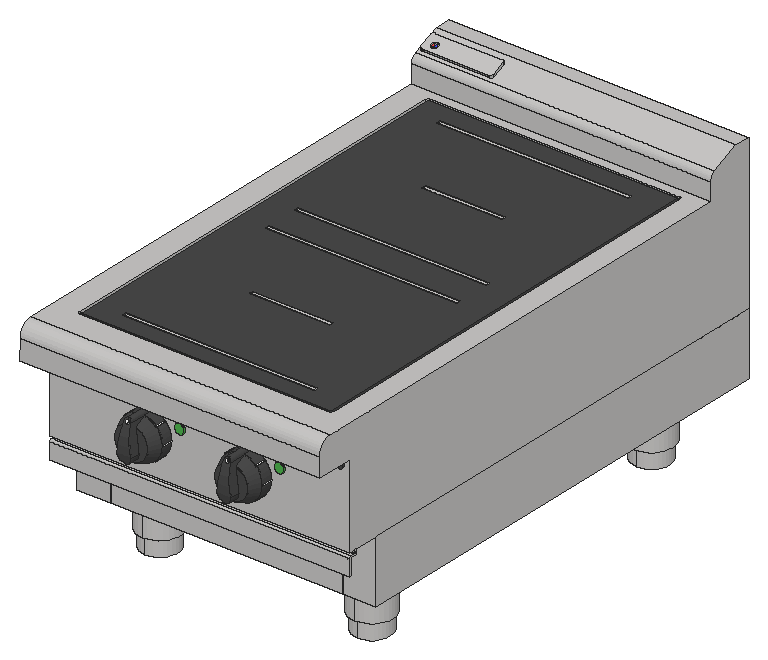
Revit family "QF_Moffat_INL8200R5-B_Induction_Cooktop_cat", category Specialty Equipment, Revit 2019
Family settings
  Round Connector Dimension = Use Diameter
  Part Type = Normal
  Work Plane-Based = No
  Always vertical = Yes
  Cut with Voids When Loaded = No
  Shared = No
  Room Calculation Point = No
Parameters (values of type "INL8200R5-B_415/60/3")
  Weight in Kilograms = 88
  Watts = 10000 W
  Volts = 415 V
  URL Cutsheet = ""
  Specification by User = ""
  Specification by Manufacturer = ""
  Show Logo [instance] = yes
  Serial Number = ""
  Seismic Rating = ""
  SMACNA No = ""
  Revision Code = ""
  Phase = 3
  Number of Poles = 1
  NAFEM Spec ID Number = ""
  Model = "INL8200R5-B"
  Min Ckt Ampacity = 0 A
  Max Overcurrent Protection = 0 A
  Masterspec = ""
  Manufacturer = "Moffat"
  Length = 450 mm
  Item Number = ""
  Installed By = ""
  Identify Quantity as Lot = yes
  Height = 410 mm
  HP = ""
  Furnished By = ""
  Foodservice Equipment Identifier = yes
  FL Amps = 14 A
  Electrical Remarks = ""
  Electric Connection Type = ""
  Elec Conn RI Height = 0 mm
  Elec Conn Connection Height = 0 mm
  Description = "Induction Cooktop"
  Depth = 805 mm
  Cycle = 60 Hz
  Conn Plug = ""
  Conn Conduit = yes
  CSI MasterFormat = ""
  Apparent Power = if(Phase = 3, Volts * FL Amps * 1.73, Volts * FL Amps)  # 10051.3 VA
Types (2, lengths in mm): name | Volts | Cycle | Apparent Power
  INL8200R5-B_415/60/3 | 415 V | 60 Hz | 10051.3 VA
  INL8200R5-B_400/50/3 | 400 V | 50 Hz | 9688 VA
Reference planes
  plane 1 "BACK": y = 0
  plane 2: z = 0
  plane 3 "LEFT": x = 0
  plane 4 "RIGHT": x = 450
  plane 5 "FRONT": y = -805
  plane 6 "TOP": z = 410
  plane 7 "Center Y": x = 225
  plane 8 "Center X": y = -402.5
  plane 9: x = 65.5
  plane 10: x = 384.5
  plane 11: y = -30
  plane 12: x = 320
  plane 13: z = 85
  plane 14: y = -100
  plane 15: y = -625
  plane 16: y = -70
  plane 17: z = 355
  plane 18: z = 75
Forms (mm)
  Extrusion 1, solid, material "QF_Metal_Stainless_Polished"
    sketch origin (0, 0, 0) x (0, 1, 0) y (0, 0, 1)
      loop
        line (0, 180) -> (0, 410) -> (-23.147, 410) -> (-62.316, 393.374)
        arc (-62.316, 393.374) -> (-67.905, 388.725) -> (-70, 381.764) r 12.612
        line (-70, 381.764) -> (-70, 355) -> (-784.417, 355)
        arc (-784.417, 355) -> (-798.971, 348.971) -> (-805, 334.417) r 20.583
        line (-805, 334.417) -> (-805, 305) -> (-749, 305) -> (-749, 180) -> (0, 180)
    from 0 to 450
  Extrusion 2, void
    sketch origin (0, -784.417, 355) x (0, 1, 0) y (-1, 0, 0)
      loop
        arc (699.588, -42.349) -> (697.83, -38.106) -> (693.588, -36.349) r 6
        line (693.588, -36.349) -> (45.492, -36.349)
        arc (45.492, -36.349) -> (41.249, -38.106) -> (39.492, -42.349) r 6
        line (39.492, -42.349) -> (39.492, -413.677)
        arc (39.492, -413.677) -> (41.249, -417.92) -> (45.492, -419.677) r 6
        line (45.492, -419.677) -> (693.588, -419.677)
        arc (693.588, -419.677) -> (697.83, -417.92) -> (699.588, -413.677) r 6
        line (699.588, -413.677) -> (699.588, -42.349)
    from 0 to -9.5
  Extrusion 3, solid, material "QF_Plastic_Black_Smooth"
    sketch origin (0, -784.417, 355) x (0, 1, 0) y (-1, 0, 0)
      loop
        line (695.588, -413.677) -> (695.588, -42.349)
        arc (695.588, -42.349) -> (695.002, -40.935) -> (693.588, -40.349) r 2
        line (693.588, -40.349) -> (45.492, -40.349)
        arc (45.492, -40.349) -> (44.078, -40.935) -> (43.492, -42.349) r 2
        line (43.492, -42.349) -> (43.492, -413.677)
        arc (43.492, -413.677) -> (44.078, -415.091) -> (45.492, -415.677) r 2
        line (45.492, -415.677) -> (693.588, -415.677)
        arc (693.588, -415.677) -> (695.002, -415.091) -> (695.588, -413.677) r 2
      loop
        line (666.191, -368.576) -> (666.191, -81.424) -> (660.191, -81.424) -> (660.191, -368.576) -> (666.191, -368.576)
      loop
        line (528.085, -165) -> (528.085, -285) -> (534.085, -285) -> (534.085, -165) -> (528.085, -165)
      loop
        line (76.585, -368.576) -> (76.585, -81.424) -> (70.585, -81.424) -> (70.585, -368.576) -> (76.585, -368.576)
      loop
        line (204.401, -165) -> (204.401, -285) -> (210.401, -285) -> (210.401, -165) -> (204.401, -165)
      loop
        line (399.085, -368.576) -> (399.085, -81.424) -> (393.085, -81.424) -> (393.085, -368.576) -> (399.085, -368.576)
      loop
        line (344.085, -368.576) -> (344.085, -81.424) -> (338.085, -81.424) -> (338.085, -368.576) -> (344.085, -368.576)
    from 0 to -9.5
  Extrusion 4, solid, material "QF_Metal_Stainless_Polished"
    sketch origin (0, 0, 40) x (0, 1, 0) y (0, 0, 1)
      loop
        line (-739.467, 140) -> (-738.192, 134.838)
        arc (-738.192, 134.838) -> (-738.307, 134.302) -> (-738.799, 134.063) r 0.625
        line (-738.799, 134.063) -> (-746.111, 134.063)
        arc (-746.111, 134.063) -> (-748.011, 133.276) -> (-748.797, 131.377) r 2.686
        line (-748.797, 131.377) -> (-748.797, 107.627) -> (-747.197, 107.627) -> (-747.197, 131.242)
        arc (-747.197, 131.242) -> (-746.84, 132.105) -> (-745.976, 132.463) r 1.221
        line (-745.976, 132.463) -> (-738.755, 132.463)
        arc (-738.755, 132.463) -> (-737.028, 133.304) -> (-736.625, 135.182) r 2.194
        line (-736.625, 135.182) -> (-737.815, 140) -> (-739.467, 140)
    from 0 to 450
  Extrusion 5, solid, material "QF_Plastic_Black_Smooth"
    sketch origin (0, -749, 181.875) x (0, 0, 1) y (-1, 0, 0)
      loop
        circle (112.843, -13.157) r 5
      loop
        circle (112.843, -436.843) r 5
    from 0 to 1.6
  Extrusion 6, solid, material "QF_Metal_Stainless_Polished"
    sketch origin (0, -699, 85) x (0, 1, 0) y (1, 0, 0)
      loop
        circle (669, 320) r 6.35
    from 0 to 10
  Extrusion 7, solid, material "QF_Metal_Stainless_Polished"
    sketch origin (0, -699, 85) x (1, 0, 0) y (0, -1, 0)
      loop
        line (0, -699) -> (450, -699) -> (450, 0) -> (399.2, 0) -> (399.2, -25.4) -> (50.8, -25.4) -> (50.8, 0) -> (0, 0) -> (0, -699)
    from 0 to -95
  Extrusion 8, solid, material "QF_Metal_Stainless_Polished"
    sketch origin (50.8, -30, 85) x (0, 1, 0) y (0, 0, 1)
      loop
        line (-669, 0) -> (-643.6, 0) -> (-643.6, 26.45) -> (-669, 26.45) -> (-669, 0)
      loop
        line (-669, 32.45) -> (-643.6, 32.45) -> (-643.6, 66.4) -> (-669, 66.4) -> (-669, 32.45)
      loop
        line (-669, 67.4) -> (-643.6, 67.4) -> (-643.6, 95) -> (-669, 95) -> (-669, 67.4)
    from 0 to 348.4
  Revolve 9, solid, material "QF_Metal_Stainless_Polished"
    sketch origin (65.5, -4572, -304.8) x (0, 0, -1) y (0, -1, 0)
      loop
        line (-304.8, -4499.5) -> (-304.8, -4472) -> (-389.8, -4472) -> (-389.8, -4503.75) -> (-329.8, -4503.75) -> (-329.8, -4499.5) -> (-304.8, -4499.5)
      axis (-389.8, -4472) -> (-304.8, -4472)
    angle from 0 to 360
  Revolve 10, solid, material "QF_Metal_Stainless_Polished"
    sketch origin (65.5, -4572, -304.8) x (0, 0, -1) y (0, -1, 0)
      loop
        line (-304.8, -3974.5) -> (-304.8, -3947) -> (-389.8, -3947) -> (-389.8, -3978.75) -> (-329.8, -3978.75) -> (-329.8, -3974.5) -> (-304.8, -3974.5)
      axis (-389.8, -3947) -> (-304.8, -3947)
    angle from 0 to 360
  Revolve 11, solid, material "QF_Metal_Stainless_Polished"
    sketch origin (384.5, -4572, -304.8) x (0, 0, -1) y (0, 1, 0)
      loop
        line (-304.8, 4499.5) -> (-329.8, 4499.5) -> (-329.8, 4503.75) -> (-389.8, 4503.75) -> (-389.8, 4472) -> (-304.8, 4472) -> (-304.8, 4499.5)
      axis (-389.8, 4472) -> (-304.8, 4472)
    angle from 0 to 360
  Revolve 12, solid, material "QF_Metal_Stainless_Polished"
    sketch origin (384.5, -4572, -304.8) x (0, 0, -1) y (0, 1, 0)
      loop
        line (-304.8, 3974.5) -> (-329.8, 3974.5) -> (-329.8, 3978.75) -> (-389.8, 3978.75) -> (-389.8, 3947) -> (-304.8, 3947) -> (-304.8, 3974.5)
      axis (-389.8, 3947) -> (-304.8, 3947)
    angle from 0 to 360
  Extrusion 13, solid, material "QF_Metal_Stainless_Polished"
    sketch origin (0, 0, 0) x (1, 0, 0) y (0, 1, 0)
      loop
        line (368.576, -124.226) -> (368.576, -118.226) -> (81.424, -118.226) -> (81.424, -124.226) -> (368.576, -124.226)
      loop
        line (285, -256.332) -> (285, -250.332) -> (165, -250.332) -> (165, -256.332) -> (285, -256.332)
      loop
        line (165, -574.016) -> (165, -580.016) -> (285, -580.016) -> (285, -574.016) -> (165, -574.016)
      loop
        line (81.424, -707.833) -> (81.424, -713.833) -> (368.576, -713.833) -> (368.576, -707.833) -> (81.424, -707.833)
      loop
        line (368.576, -391.333) -> (368.576, -385.333) -> (81.424, -385.333) -> (81.424, -391.333) -> (368.576, -391.333)
      loop
        line (368.576, -446.333) -> (368.576, -440.333) -> (81.424, -440.333) -> (81.424, -446.333) -> (368.576, -446.333)
    from 355 to 345.5
  Extrusion 14, solid, material "QF_Paint_Green"
    sketch origin (63.231, -748.999, 157.5) x (0, 0, 1) y (-1, 0, 0)
      loop
        circle (100.3, -282.5) r 7.15
    from 0 to 1.6
  Extrusion 15, solid, material "QF_Plastic_Black_Smooth"
    sketch origin (75, -748.999, 169.375) x (0, 0, 1) y (-1, 0, 0)
      loop
        circle (112.843, -225) r 5
    from 0 to 1.6
  Extrusion 16, solid, material "QF_Paint_Green"
    sketch origin (-86.769, -748.999, 157.5) x (0, 0, 1) y (-1, 0, 0)
      loop
        circle (100.3, -282.5) r 7.15
    from 0 to 1.6
  Extrusion 17, solid, material "QF_Plastic_Black_Smooth"
    sketch origin (-75, -748.999, 169.375) x (0, 0, 1) y (-1, 0, 0)
      loop
        circle (112.843, -225) r 5
    from 0 to 1.6
Cuts and joins
  Extrusion 2 cuts Extrusion 1
Lines and regions (mm)
  symbolic lines
    curve 1: line (0, 0, 0) -> (450, 0, 0)
    curve 2: line (0, -805, 0) -> (0, 0, 0)
    curve 3: line (450, -805, 0) -> (0, -805, 0)
    curve 4: line (450, 0, 0) -> (450, -805, 0)
    curve 5: line (0, -70, 0) -> (450, -70, 0)
    curve 6: line (0, -23.147, 0) -> (450, -23.147, 0)
    curve 7: line (42.349, -84.83, 0) -> (413.677, -84.83, 0)
    curve 8: arc (413.677, -84.83, 0) -> (417.92, -86.587, 0) -> (419.677, -90.83, 0) r 6
    curve 9: line (419.677, -90.83, 0) -> (419.677, -738.926, 0)
    curve 10: arc (419.677, -738.926, 0) -> (417.92, -743.168, 0) -> (413.677, -744.926, 0) r 6
    curve 11: line (413.677, -744.926, 0) -> (42.349, -744.926, 0)
    curve 12: arc (42.349, -744.926, 0) -> (38.106, -743.168, 0) -> (36.349, -738.926, 0) r 6
    curve 13: line (36.349, -738.926, 0) -> (36.349, -90.83, 0)
    curve 14: arc (36.349, -90.83, 0) -> (38.106, -86.587, 0) -> (42.349, -84.83, 0) r 6
    curve 15: line (413.677, -88.83, 0) -> (42.349, -88.83, 0)
    curve 16: arc (42.349, -88.83, 0) -> (40.935, -89.415, 0) -> (40.349, -90.83, 0) r 2
    curve 17: line (40.349, -90.83, 0) -> (40.349, -738.926, 0)
    curve 18: arc (40.349, -738.926, 0) -> (40.935, -740.34, 0) -> (42.349, -740.926, 0) r 2
    curve 19: line (42.349, -740.926, 0) -> (413.677, -740.926, 0)
    curve 20: arc (413.677, -740.926, 0) -> (415.091, -740.34, 0) -> (415.677, -738.926, 0) r 2
    curve 21: line (415.677, -738.926, 0) -> (415.677, -90.83, 0)
    curve 22: arc (415.677, -90.83, 0) -> (415.091, -89.415, 0) -> (413.677, -88.83, 0) r 2
    curve 23: line (81.424, -713.833, 0) -> (368.576, -713.833, 0)
    curve 24: line (368.576, -713.833, 0) -> (368.576, -707.833, 0)
    curve 25: line (368.576, -707.833, 0) -> (81.424, -707.833, 0)
    curve 26: line (81.424, -707.833, 0) -> (81.424, -713.833, 0)
    curve 27: line (165, -574.016, 0) -> (285, -574.016, 0)
    curve 28: line (165, -580.016, 0) -> (165, -574.016, 0)
    curve 29: line (285, -574.016, 0) -> (285, -580.016, 0)
    curve 30: line (81.424, -124.226, 0) -> (368.576, -124.226, 0)
    curve 31: line (368.576, -124.226, 0) -> (368.576, -118.226, 0)
    curve 32: line (368.576, -118.226, 0) -> (81.424, -118.226, 0)
    curve 33: line (81.424, -118.226, 0) -> (81.424, -124.226, 0)
    curve 34: line (165, -256.332, 0) -> (285, -256.332, 0)
    curve 35: line (285, -256.332, 0) -> (285, -250.332, 0)
    curve 36: line (285, -250.332, 0) -> (165, -250.332, 0)
    curve 37: line (165, -250.332, 0) -> (165, -256.332, 0)
    curve 38: line (368.576, -385.333, 0) -> (81.424, -385.333, 0)
    curve 39: line (81.424, -385.333, 0) -> (81.424, -391.333, 0)
    curve 40: line (81.424, -391.333, 0) -> (368.576, -391.333, 0)
    curve 41: line (368.576, -391.333, 0) -> (368.576, -385.333, 0)
    curve 42: line (81.424, -446.333, 0) -> (368.576, -446.333, 0)
    curve 43: line (368.576, -446.333, 0) -> (368.576, -440.333, 0)
    curve 44: line (368.576, -440.333, 0) -> (81.424, -440.333, 0)
    curve 45: line (81.424, -440.333, 0) -> (81.424, -446.333, 0)
    curve 46: line (285, -574.016, 0) -> (165, -574.016, 0)
    curve 47: line (165, -574.016, 0) -> (165, -580.016, 0)
    curve 48: line (165, -580.016, 0) -> (285, -580.016, 0)
    curve 49: line (285, -580.016, 0) -> (285, -574.016, 0)
Dimensions and locks
  equal spacing: plane 3 "LEFT", plane 7 "Center Y", plane 4 "RIGHT"
  "Length": plane 3 "LEFT" to plane 4 "RIGHT"
  equal spacing: plane 5 "FRONT", plane 8 "Center X", plane 1 "BACK"
  "Depth": plane 5 "FRONT" to plane 1 "BACK"
  "Height": plane 6 "TOP" to level
  plane 9 to plane 10 = 319 mm
  plane 4 "RIGHT" to plane 3 "LEFT" = 450 mm
  plane 1 "BACK" to plane 5 "FRONT" = 805 mm
  plane 6 "TOP" to plane 2 = 410 mm
  locked: plane 12 to plane 4 "RIGHT" at 130
  plane 1 "BACK" to plane 11 = 30 mm
  plane 1 "BACK" to plane 14 to plane 15 = 100 mm, 525 mm
  plane 1 "BACK" to plane 16 = 70 mm
  plane 17 to level = 355 mm
  level to plane 13 = 85 mm
  plane 18 to level = 75 mm
  plane 12 to plane 4 "RIGHT" = 130 mm
  aligned and locked: level to plane 2
  aligned and locked: Extrusion 3 to Extrusion 13
Automatic sketch dimensions
  Extrusion 2 sketch curve to Extrusion 1 = 39.492 mm
  Extrusion 2 sketch curve to Extrusion 2 sketch curve = 6 mm  (x3)
  Extrusion 1 to Extrusion 2 sketch curve = 20.83 mm  (x2)
  Extrusion 1 to Extrusion 2 sketch curve = 30.323 mm
  Extrusion 1 to Extrusion 2 sketch curve = 42.349 mm
  Extrusion 4 sketch curve to plane 5 "FRONT" = 56.203 mm
  Extrusion 4 sketch curve to Extrusion 4 sketch curve = 1.6 mm
  Extrusion 4 sketch curve to Extrusion 4 sketch curve = 1.086 mm
  Extrusion 4 sketch curve to Extrusion 4 sketch curve = 0.135 mm  (x2)
  Extrusion 4 sketch curve to Extrusion 4 sketch curve = 6.644 mm
  Extrusion 4 sketch curve to Extrusion 4 sketch curve = 0.668 mm
  Extrusion 4 sketch curve to Extrusion 4 sketch curve = 0.044 mm
  Extrusion 4 sketch curve to Extrusion 4 sketch curve = 0.563 mm
  Extrusion 4 sketch curve to Extrusion 4 sketch curve = 1.652 mm
  Extrusion 4 sketch curve to Extrusion 4 sketch curve = 1.567 mm
  Extrusion 4 sketch curve to plane 13 = 62.627 mm
  Extrusion 4 sketch curve to Extrusion 4 sketch curve = 23.614 mm
  Extrusion 4 sketch curve to Extrusion 4 sketch curve = 0.594 mm
  Extrusion 4 sketch curve to Extrusion 4 sketch curve = 0.032 mm
  Extrusion 4 sketch curve to Extrusion 4 sketch curve = 5.162 mm
  Extrusion 1 to Extrusion 5 sketch curve = 10.282 mm  (x2)
  Extrusion 1 to Extrusion 5 sketch curve = 13.157 mm  (x2)
  Extrusion 7 to Extrusion 6 sketch curve = 30 mm
  Extrusion 6 sketch curve to Extrusion 7 = 79.2 mm
  plane 1 "BACK" to Extrusion 7 sketch curve = 0 mm
  Extrusion 7 sketch curve to plane 3 "LEFT" = 0 mm
  Extrusion 7 sketch curve to plane 4 "RIGHT" = 0 mm
  plane 9 to Extrusion 7 sketch curve = 14.7 mm
  Extrusion 7 sketch curve to plane 10 = 14.7 mm
  plane 15 to Extrusion 7 sketch curve = 48.6 mm
  Extrusion 7 sketch curve to Extrusion 7 sketch curve = 25.4 mm  (x2)
  Extrusion 8 sketch curve to Extrusion 7 = 0 mm  (x8)
  Extrusion 7 to Extrusion 8 sketch curve = 26.45 mm
  Extrusion 8 sketch curve to Extrusion 8 sketch curve = 6 mm
  Extrusion 7 to Extrusion 8 sketch curve = 28.6 mm
  Extrusion 8 sketch curve to Extrusion 8 sketch curve = 1 mm
  plane 13 to Revolve 9 sketch curve = 0 mm
  Revolve 9 sketch curve to level = 0 mm  (x2)
  Revolve 9 sketch curve to plane 14 = 0 mm  (x2)
  plane 16 to Revolve 9 sketch curve = 2.5 mm
  level to Revolve 9 sketch curve = 25 mm
  Revolve 9 sketch curve to plane 16 = 1.75 mm
  Revolve 9 sketch curve to Revolve 9 sketch curve = 25 mm
  plane 13 to Revolve 10 sketch curve = 0 mm
  Revolve 10 sketch curve to level = 0 mm  (x2)
  Revolve 10 sketch curve to plane 15 = 0 mm  (x2)
  level to Revolve 10 sketch curve = 25 mm
  Revolve 10 sketch curve to Revolve 10 sketch curve = 27.5 mm
  Revolve 10 sketch curve to Revolve 10 sketch curve = 31.75 mm
  Revolve 10 sketch curve to Revolve 10 sketch curve = 25 mm
  plane 13 to Revolve 11 sketch curve = 0 mm
  Revolve 11 sketch curve to level = 0 mm  (x2)
  Revolve 11 sketch curve to plane 14 = 0 mm  (x2)
  plane 16 to Revolve 11 sketch curve = 2.5 mm
  level to Revolve 11 sketch curve = 25 mm
  Revolve 11 sketch curve to plane 16 = 1.75 mm
  Revolve 11 sketch curve to Revolve 11 sketch curve = 25 mm
  plane 13 to Revolve 12 sketch curve = 0 mm
  Revolve 12 sketch curve to level = 0 mm  (x2)
  Revolve 12 sketch curve to plane 15 = 0 mm  (x2)
  level to Revolve 12 sketch curve = 25 mm
  Revolve 12 sketch curve to plane 15 = 27.5 mm
  Revolve 12 sketch curve to Revolve 12 sketch curve = 4.25 mm
  Revolve 12 sketch curve to Revolve 12 sketch curve = 25 mm
  Extrusion 14 sketch curve to plane 12 = 25.731 mm
  Extrusion 14 sketch curve to plane 17 = 97.2 mm
  plane 12 to Extrusion 15 sketch curve = 20 mm
  Extrusion 15 sketch curve to plane 17 = 72.782 mm
  Extrusion 16 sketch curve to plane 7 "Center Y" = 29.269 mm
  Extrusion 16 sketch curve to plane 17 = 97.2 mm
  Extrusion 17 sketch curve to plane 17 = 72.782 mm
  Extrusion 17 sketch curve to plane 7 "Center Y" = 75 mm
  Extrusion 1 sketch curve to plane 5 "FRONT" = 0 mm
  Extrusion 1 sketch curve to plane 17 = 0 mm
  Extrusion 1 sketch curve to plane 16 = 0 mm
  Extrusion 1 sketch curve to plane 6 "TOP" = 0 mm
  Extrusion 1 sketch curve to plane 1 "BACK" = 0 mm
  Extrusion 1 sketch curve to Extrusion 1 sketch curve = 20.583 mm
  Extrusion 1 sketch curve to Extrusion 1 sketch curve = 35.417 mm
  Extrusion 1 sketch curve to plane 16 = 7.684 mm
  Extrusion 1 sketch curve to Extrusion 1 sketch curve = 12.612 mm
  Extrusion 1 sketch curve to plane 11 = 6.853 mm
  Extrusion 1 sketch curve to Extrusion 1 sketch curve = 29.417 mm
  Extrusion 1 sketch curve to plane 13 = 95 mm
  plane 17 to Extrusion 1 sketch curve = 26.764 mm
  plane 1 "BACK" to curve 1 = 0 mm
  curve 1 to plane 3 "LEFT" = 0 mm
  curve 1 to plane 4 "RIGHT" = 0 mm
  plane 5 "FRONT" to curve 4 = 0 mm
  plane 16 to curve 5 = 0 mm
  curve 6 to plane 11 = 6.853 mm
  curve 8 to curve 22 = 0 mm  (x2)
  curve 10 to curve 20 = 0 mm  (x2)
  curve 12 to curve 18 = 0 mm  (x2)
  curve 14 to curve 16 = 0 mm  (x2)
  plane 9 to curve 13 = 29.151 mm
  curve 14 to curve 17 = 4 mm
  curve 18 to curve 18 = 2 mm
  curve 16 to curve 7 = 2 mm
  curve 33 to plane 9 = 15.924 mm
  curve 25 to plane 9 = 15.924 mm
  curve 38 to plane 9 = 15.924 mm
  curve 42 to plane 9 = 15.924 mm
  curve 37 to plane 7 "Center Y" = 60 mm
  curve 28 to plane 7 "Center Y" = 60 mm
  plane 12 to curve 49 = 35 mm
  plane 12 to curve 35 = 35 mm
  plane 10 to curve 25 = 15.924 mm
  plane 10 to curve 30 = 15.924 mm
  plane 10 to curve 44 = 15.924 mm
  plane 10 to curve 41 = 15.924 mm
  curve 15 to plane 14 = 11.17 mm
  curve 15 to plane 10 = 29.177 mm
  curve 11 to plane 10 = 29.177 mm
  curve 8 to curve 21 = 2 mm
  curve 11 to plane 5 "FRONT" = 60.074 mm
  curve 20 to curve 23 = 25.093 mm
  curve 23 to curve 24 = 6 mm
  curve 47 to plane 15 = 44.984 mm
  curve 29 to curve 27 = 6 mm
  curve 42 to plane 8 "Center X" = 43.833 mm
  curve 42 to curve 44 = 6 mm
  plane 8 "Center X" to curve 39 = 11.167 mm
  curve 40 to curve 38 = 6 mm
  plane 8 "Center X" to curve 35 = 146.168 mm
  curve 34 to curve 35 = 6 mm
  plane 14 to curve 30 = 24.226 mm
  curve 30 to curve 33 = 6 mm
  Extrusion 13 sketch curve to plane 9 = 15.924 mm  (x4)
  Extrusion 13 sketch curve to plane 7 "Center Y" = 60 mm  (x2)
  plane 12 to Extrusion 13 sketch curve = 35 mm  (x2)
  plane 10 to Extrusion 13 sketch curve = 15.924 mm  (x4)
  plane 15 to Extrusion 13 sketch curve = 88.833 mm
  Extrusion 13 sketch curve to Extrusion 13 sketch curve = 6 mm  (x6)
  Extrusion 13 sketch curve to plane 15 = 44.984 mm
  Extrusion 13 sketch curve to plane 8 "Center X" = 43.833 mm
  plane 8 "Center X" to Extrusion 13 sketch curve = 11.167 mm
  plane 8 "Center X" to Extrusion 13 sketch curve = 146.168 mm
  plane 14 to Extrusion 13 sketch curve = 24.226 mm
  Extrusion 3 sketch curve to Extrusion 1 = 43.492 mm
  Extrusion 3 sketch curve to Extrusion 3 sketch curve = 2 mm  (x3)
  Extrusion 3 sketch curve to Extrusion 3 sketch curve = 25.093 mm
  Extrusion 3 sketch curve to Extrusion 3 sketch curve = 6 mm  (x6)
  Extrusion 3 sketch curve to Extrusion 3 sketch curve = 127.816 mm
  Extrusion 3 sketch curve to Extrusion 3 sketch curve = 127.684 mm
  Extrusion 3 sketch curve to Extrusion 3 sketch curve = 49 mm
  Extrusion 3 sketch curve to Extrusion 3 sketch curve = 129 mm
  Extrusion 1 to Extrusion 3 sketch curve = 54.226 mm
  Extrusion 1 to Extrusion 3 sketch curve = 20.83 mm  (x2)
  Extrusion 1 to Extrusion 3 sketch curve = 34.323 mm
  Extrusion 3 sketch curve to Extrusion 3 sketch curve = 45.101 mm  (x2)
  Extrusion 1 to Extrusion 3 sketch curve = 81.424 mm  (x4)
  Extrusion 3 sketch curve to Extrusion 3 sketch curve = 0 mm  (x2)
  Extrusion 3 sketch curve to Extrusion 3 sketch curve = 83.576 mm  (x2)
  Extrusion 3 sketch curve to Extrusion 3 sketch curve = 120 mm  (x2)
  Extrusion 1 to Extrusion 3 sketch curve = 42.349 mm
  radius of Extrusion 5 sketch curve = 5 mm  (x2)
  radius of Extrusion 6 sketch curve = 6.35 mm
  radius of Extrusion 14 sketch curve = 7.15 mm
  radius of Extrusion 15 sketch curve = 5 mm
  radius of Extrusion 16 sketch curve = 7.15 mm
  radius of Extrusion 17 sketch curve = 5 mm
Nested families
  nested 1: "Knob" at (267.5, -739.499, 204.5), type "Knob"
  nested 2: "Knob" at (117.5, -739.499, 204.5), type "Knob"
  nested 3: "QF_LOGO_Waldorf1" at (2, -56.925, 395.662), visible <- "Show Logo", type "QF_LOGO_Waldorf 2"
Connectors
  electrical at (320, -30, 75), driven by "Volts", driven by "Watts"
    settings: on Extrusion 6, index 3, voltage 415 V, apparent load 10000 VA, apparent load phase1 0 VA, apparent load phase2 0 VA, apparent load phase3 0 VA, power factor 1, load classification "Other", number of poles 1, system type 30, power factor state 1, is connector primary yes, connector utility no, sub classification motor no, connector description ""
Definition of nested family "Knob"
  Parameters (values of type "Knob")
    Weight in Pounds = 0
    URL Cutsheet = ""
    Specification by User = ""
    Specification by Manufacturer = ""
    Serial Number = ""
    Seismic Rating = ""
    SMACNA No = ""
    Revision Code = ""
    NAFEM Spec ID Number = ""
    Masterspec = ""
    Length = 65 mm
    Item Number = ""
    Installed By = ""
    Identify Quantity as Lot = yes
    Height = 69.5 mm
    Furnished By = ""
    Foodservice Equipment Identifier = yes
    Depth = 59 mm
    CSI MasterFormat = ""
  Reference planes
    plane 1 "BACK": y = 0
    plane 2: z = 0
    plane 3 "LEFT": x = 0
    plane 4 "RIGHT": x = 65
    plane 5 "FRONT": y = -59
    plane 6 "TOP": z = 69.5
    plane 7 "Center Y": x = 32.5
    plane 8 "Center X": y = -29.5
  Forms (mm)
    Revolve 1, solid
      sketch origin (32.5, 175.397, 1219.2) x (0, 1, 0) y (0, 0, 1)
        loop
          line (-175.397, -1186.7) -> (-219.397, -1186.7) -> (-219.397, -1211.501) -> (-202.106, -1219.2) -> (-185.397, -1219.2) -> (-185.397, -1191.7) -> (-175.397, -1191.7) -> (-175.397, -1186.7)
        axis (-219.397, -1186.7) -> (-175.397, -1186.7)
      angle from 0 to 360
    Extrusion 2, solid
      sketch origin (32.5, 175.397, 1219.2) x (0, 1, 0) y (0, 0, 1)
        loop
          line (-202.106, -1154.2) -> (-185.397, -1154.2) -> (-185.397, -1149.7) -> (-224.105, -1149.7)
          arc (-224.105, -1149.7) -> (-233.965, -1178.467) -> (-230.696, -1208.7) r 70
          line (-230.696, -1208.7) -> (-219.397, -1208.7) -> (-219.397, -1161.899) -> (-202.106, -1154.2)
      from -15 to 15
    Extrusion 3, void
      sketch origin (0, 0, 0) x (1, 0, 0) y (0, 0, 1)
        loop
          line (27.501, 64.613) -> (22.02, 20.585)
          arc (22.02, 20.585) -> (32.792, 10.488) -> (42.986, 21.169) r 10.487
          line (42.986, 21.169) -> (37.499, 64.613)
          arc (37.499, 64.613) -> (32.5, 69.5) -> (27.501, 64.613) r 5
        loop
          line (10, 72.977) -> (10, 5.625) -> (55, 5.625) -> (55, 72.977) -> (10, 72.977)
      from 6.142 to 69.687
    Extrusion 4, solid
      sketch origin (0, -34.115, -16.916) x (1, 0, 0) y (0, 0.45399, 0.891007)
        loop
          circle (32.497, 65) r 2
      from 51.525 to 53.075
    Extrusion 5, solid
      sketch origin (32.5, -10, 32.5) x (0, 0, -1) y (-1, 0, 0)
        loop
          line (-23.54, -22.408) -> (-24.106, -22.974)
          arc (-24.106, -22.974) -> (-23.547, -23.547) -> (-22.974, -24.106) r 33.3
          line (-22.974, -24.106) -> (-22.408, -23.54)
          arc (-22.408, -23.54) -> (-22.981, -22.981) -> (-23.54, -22.408) r 32.5
        loop
          arc (-0.8, -33.29) -> (0, -33.3) -> (0.8, -33.29) r 33.3
          line (0.8, -33.29) -> (0.8, -32.49)
          arc (0.8, -32.49) -> (0, -32.5) -> (-0.8, -32.49) r 32.5
          line (-0.8, -32.49) -> (-0.8, -33.29)
        loop
          arc (23.54, -22.408) -> (22.981, -22.981) -> (22.408, -23.54) r 32.5
          line (22.408, -23.54) -> (22.974, -24.106)
          arc (22.974, -24.106) -> (23.547, -23.547) -> (24.106, -22.974) r 33.3
          line (24.106, -22.974) -> (23.54, -22.408)
        loop
          arc (-23.54, 22.408) -> (-22.981, 22.981) -> (-22.408, 23.54) r 32.5
          line (-22.408, 23.54) -> (-22.974, 24.106)
          arc (-22.974, 24.106) -> (-23.547, 23.547) -> (-24.106, 22.974) r 33.3
          line (-24.106, 22.974) -> (-23.54, 22.408)
        loop
          line (-0.8, 33.29) -> (-0.8, 32.49)
          arc (-0.8, 32.49) -> (0, 32.5) -> (0.8, 32.49) r 32.5
          line (0.8, 32.49) -> (0.8, 33.29)
          arc (0.8, 33.29) -> (0, 33.3) -> (-0.8, 33.29) r 33.3
        loop
          line (32.49, -0.8) -> (33.29, -0.8)
          arc (33.29, -0.8) -> (33.3, 0) -> (33.29, 0.8) r 33.3
          line (33.29, 0.8) -> (32.49, 0.8)
          arc (32.49, 0.8) -> (32.5, 0) -> (32.49, -0.8) r 32.5
        loop
          arc (24.106, 22.974) -> (23.547, 23.547) -> (22.974, 24.106) r 33.3
          line (22.974, 24.106) -> (22.408, 23.54)
          arc (22.408, 23.54) -> (22.981, 22.981) -> (23.54, 22.408) r 32.5
          line (23.54, 22.408) -> (24.106, 22.974)
      from 0 to -16.709
  Cuts and joins
    Extrusion 3 cuts Extrusion 2
  Dimensions and locks
    equal spacing: plane 3 "LEFT", plane 7 "Center Y", plane 4 "RIGHT"
    "Length": plane 3 "LEFT" to plane 4 "RIGHT"
    equal spacing: plane 5 "FRONT", plane 8 "Center X", plane 1 "BACK"
    "Depth": plane 5 "FRONT" to plane 1 "BACK"
    "Height": plane 6 "TOP" to level
    plane 4 "RIGHT" to plane 3 "LEFT" = 65 mm
    aligned and locked: level to plane 2
  Automatic sketch dimensions
    Revolve 1 sketch curve to level = 0 mm
    Revolve 1 sketch curve to plane 1 "BACK" = 0 mm  (x2)
    plane 1 "BACK" to Revolve 1 sketch curve = 10 mm
    plane 8 "Center X" to Revolve 1 sketch curve = 2.791 mm
    Revolve 1 sketch curve to plane 8 "Center X" = 14.5 mm
    level to Revolve 1 sketch curve = 7.699 mm
    level to Revolve 1 sketch curve = 27.5 mm
    Revolve 1 sketch curve to Revolve 1 sketch curve = 5 mm
    Revolve 1 sketch curve to Revolve 1 sketch curve = 35 mm
    Revolve 1 sketch curve to Revolve 1 sketch curve = 0 mm
    Extrusion 2 sketch curve to plane 6 "TOP" = 0 mm
    Extrusion 2 sketch curve to plane 5 "FRONT" = 3.702 mm
    Extrusion 2 sketch curve to plane 5 "FRONT" = 10.293 mm
    Extrusion 2 sketch curve to Extrusion 2 sketch curve = 11.298 mm
    plane 8 "Center X" to Extrusion 2 sketch curve = 2.791 mm
    plane 1 "BACK" to Extrusion 2 sketch curve = 10 mm
    Extrusion 2 sketch curve to plane 1 "BACK" = 11 mm
    Extrusion 2 sketch curve to plane 6 "TOP" = 4.5 mm
    Extrusion 2 sketch curve to plane 6 "TOP" = 12.199 mm
    level to Extrusion 2 sketch curve = 32.962 mm
    level to Extrusion 3 sketch curve = 5.625 mm
    Extrusion 3 sketch curve to plane 7 "Center Y" = 0 mm  (x2)
    Extrusion 3 sketch curve to plane 7 "Center Y" = 4.999 mm
    Extrusion 3 sketch curve to plane 7 "Center Y" = 10.48 mm
    plane 6 "TOP" to Extrusion 3 sketch curve = 3.477 mm
    plane 3 "LEFT" to Extrusion 3 sketch curve = 10 mm
    Extrusion 3 sketch curve to plane 6 "TOP" = 4.887 mm
    Extrusion 3 sketch curve to Extrusion 3 sketch curve = 4.999 mm
    plane 7 "Center Y" to Extrusion 3 sketch curve = 10.486 mm
    level to Extrusion 3 sketch curve = 20.585 mm
    Extrusion 3 sketch curve to Extrusion 3 sketch curve = 0.387 mm
    Extrusion 3 sketch curve to Extrusion 3 sketch curve = 0.113 mm
    plane 4 "RIGHT" to Extrusion 3 sketch curve = 10 mm
    Extrusion 5 sketch curve to Revolve 1 = 32.49 mm
    Revolve 1 to Extrusion 5 sketch curve = 32.49 mm
    Extrusion 5 sketch curve to Revolve 1 = 23.54 mm  (x2)
    Revolve 1 to Extrusion 5 sketch curve = 23.54 mm  (x2)
    Extrusion 5 sketch curve to Revolve 1 = 24.106 mm  (x2)
    Revolve 1 to Extrusion 5 sketch curve = 24.106 mm  (x2)
    Revolve 1 to Extrusion 5 sketch curve = 22.408 mm  (x2)
    Extrusion 5 sketch curve to Revolve 1 = 22.408 mm  (x2)
    Revolve 1 to Extrusion 5 sketch curve = 22.974 mm  (x2)
    Extrusion 5 sketch curve to Revolve 1 = 22.974 mm  (x2)
    Extrusion 5 sketch curve to Extrusion 5 sketch curve = 1.6 mm  (x2)
    Revolve 1 to Extrusion 5 sketch curve = 0.8 mm
    Extrusion 5 sketch curve to Revolve 1 = 0.8 mm
    Extrusion 4 sketch curve to plane 7 "Center Y" = 0.003 mm
    radius of Extrusion 5 sketch curve to Revolve 1 = 0 mm  (x7)
    radius of Revolve 1 to Extrusion 5 sketch curve = 0.8 mm  (x7)
    radius of Extrusion 4 sketch curve = 2 mm
Definition of nested family "QF_LOGO_Waldorf1"
  Parameters (values of type "QF_LOGO_Waldorf")
    Weight in Pounds = 0
    URL Cutsheet = ""
    Specification by User = ""
    Specification by Manufacturer = ""
    Serial Number = ""
    Seismic Rating = ""
    SMACNA No = ""
    Revision Code = ""
    NAFEM Spec ID Number = ""
    Masterspec = ""
    Length = 138 mm
    Item Number = ""
    Installed By = ""
    Identify Quantity as Lot = yes
    Height = 26.711 mm
    Furnished By = ""
    Foodservice Equipment Identifier = yes
    Depth = 3.175 mm
    CSI MasterFormat = ""
  Reference planes
    plane 1 "BACK": y = 0
    plane 2: z = 0
    plane 3 "LEFT": x = 0
    plane 4 "RIGHT": x = 138
    plane 5 "FRONT": y = -3.175
    plane 6 "TOP": z = 26.711
    plane 7 "Center Y": x = 69
    plane 8 "Center X": y = -1.587
  Forms (mm)
    Extrusion 1, solid
      sketch origin (0, 0, 0) x (1, 0, 0) y (0, 0.920505, 0.390731)
        loop
          line (109, 3.464) -> (109, 23.247)
          spline (109, 23.247) -> (108.966, 23.699) -> (108.864, 24.143) -> (108.696, 24.572) -> (108.464, 24.979) -> (108.173, 25.355) -> (107.828, 25.696) -> (107.435, 25.995) -> (107, 26.247) -> (106.531, 26.447) -> (106.035, 26.593) -> (105.522, 26.681) -> (105, 26.711)
          line (105, 26.711) -> (4, 26.711)
          spline (4, 26.711) -> (3.478, 26.681) -> (2.965, 26.593) -> (2.469, 26.447) -> (2, 26.247) -> (1.565, 25.995) -> (1.172, 25.696) -> (0.827, 25.355) -> (0.536, 24.979) -> (0.304, 24.572) -> (0.136, 24.143) -> (0.034, 23.699) -> (0, 23.247)
          line (0, 23.247) -> (0, 3.464)
          spline (0, 3.464) -> (0.034, 3.012) -> (0.136, 2.568) -> (0.304, 2.138) -> (0.536, 1.732) -> (0.827, 1.355) -> (1.172, 1.015) -> (1.565, 0.716) -> (2, 0.464) -> (2.469, 0.264) -> (2.965, 0.118) -> (3.478, 0.03) -> (4, 0)
          line (4, 0) -> (105, 0)
          spline (105, 0) -> (105.522, 0.03) -> (106.035, 0.118) -> (106.531, 0.264) -> (107, 0.464) -> (107.435, 0.716) -> (107.828, 1.015) -> (108.173, 1.355) -> (108.464, 1.732) -> (108.696, 2.138) -> (108.864, 2.568) -> (108.966, 3.012) -> (109, 3.464)
        loop
          line (14.75, 7.005) -> (14.75, 15.654)
          arc (14.75, 15.654) -> (10.425, 11.329) -> (14.75, 7.005) r 4.325
        loop
          line (15.25, 15.654) -> (15.25, 7.005)
          arc (15.25, 7.005) -> (19.575, 11.329) -> (15.25, 15.654) r 4.325
      from 0 to 3.2
    Extrusion 2, solid
      sketch origin (0, 0, 0) x (1, 0, 0) y (0, 0.920505, 0.390731)
        loop
          line (15.25, 15.654) -> (15.25, 7.005)
          arc (15.25, 7.005) -> (19.575, 11.329) -> (15.25, 15.654) r 4.325
      from 0 to 3.2
    Extrusion 3, solid
      sketch origin (16.271, 0, 0) x (-1, 0, 0) y (0, -0.920505, -0.390731)
        loop
          arc (1.521, -15.654) -> (5.846, -11.329) -> (1.521, -7.005) r 4.325
          line (1.521, -7.005) -> (1.521, -15.654)
      from 0 to 3.2
  Lines and regions (mm)
    Split face 1
      outline origin (0, -1.25, 2.946) x (1, 0, 0) y (0, 0.920505, 0.390731)
        loop
          spline (22.129, 16.975) -> (22.389, 15.984) -> (22.649, 15.002) -> (22.91, 14.028) -> (23.172, 13.065) -> (23.433, 12.11) -> (23.695, 11.166) -> (23.956, 10.232) -> (24.218, 9.308) -> (24.479, 8.396) -> (24.74, 7.495) -> (25, 6.605) -> (25.26, 5.728)
          line (25.26, 5.728) -> (29.463, 5.728)
          spline (29.463, 5.728) -> (29.582, 6.252) -> (29.701, 6.78) -> (29.82, 7.313) -> (29.939, 7.85) -> (30.058, 8.391) -> (30.178, 8.936) -> (30.297, 9.485) -> (30.416, 10.038) -> (30.536, 10.594) -> (30.655, 11.155) -> (30.775, 11.719) -> (30.894, 12.287)
          spline (30.894, 12.287) -> (31.018, 11.719) -> (31.142, 11.155) -> (31.266, 10.594) -> (31.39, 10.038) -> (31.514, 9.485) -> (31.638, 8.936) -> (31.762, 8.391) -> (31.885, 7.85) -> (32.009, 7.313) -> (32.133, 6.78) -> (32.256, 6.252) -> (32.379, 5.728)
          line (32.379, 5.728) -> (36.51, 5.728)
          spline (36.51, 5.728) -> (36.766, 6.605) -> (37.023, 7.495) -> (37.28, 8.396) -> (37.538, 9.308) -> (37.795, 10.232) -> (38.053, 11.166) -> (38.311, 12.11) -> (38.569, 13.065) -> (38.826, 14.028) -> (39.083, 15.002) -> (39.34, 15.984) -> (39.597, 16.975)
          line (39.597, 16.975) -> (35.637, 16.975)
          spline (35.637, 16.975) -> (35.523, 16.334) -> (35.41, 15.697) -> (35.296, 15.063) -> (35.182, 14.433) -> (35.068, 13.807) -> (34.954, 13.185) -> (34.84, 12.566) -> (34.726, 11.952) -> (34.612, 11.342) -> (34.497, 10.737) -> (34.383, 10.135) -> (34.269, 9.538)
          spline (34.269, 9.538) -> (34.138, 10.135) -> (34.008, 10.737) -> (33.877, 11.342) -> (33.746, 11.952) -> (33.616, 12.566) -> (33.485, 13.185) -> (33.354, 13.807) -> (33.224, 14.433) -> (33.093, 15.063) -> (32.963, 15.697) -> (32.833, 16.334) -> (32.703, 16.975)
          line (32.703, 16.975) -> (29.247, 16.975)
          spline (29.247, 16.975) -> (29.111, 16.334) -> (28.974, 15.697) -> (28.837, 15.063) -> (28.7, 14.433) -> (28.562, 13.807) -> (28.425, 13.185) -> (28.288, 12.566) -> (28.15, 11.952) -> (28.013, 11.342) -> (27.875, 10.737) -> (27.738, 10.135) -> (27.6, 9.538)
          spline (27.6, 9.538) -> (27.483, 10.135) -> (27.366, 10.737) -> (27.249, 11.342) -> (27.132, 11.952) -> (27.015, 12.566) -> (26.897, 13.185) -> (26.78, 13.807) -> (26.663, 14.433) -> (26.546, 15.063) -> (26.43, 15.697) -> (26.313, 16.334) -> (26.196, 16.975)
          line (26.196, 16.975) -> (22.129, 16.975)
    Split face 2
      outline origin (0, -1.25, 2.946) x (1, 0, 0) y (0, 0.920505, 0.390731)
        loop
          line (51.449, 5.728) -> (51.035, 6.606) -> (51.035, 11.169)
          spline (51.035, 11.169) -> (50.686, 12.42) -> (50.176, 13.224) -> (49.51, 13.708) -> (48.693, 13.995) -> (47.747, 14.152) -> (46.698, 14.207) -> (45.579, 14.186) -> (44.419, 14.114) -> (43.279, 13.929) -> (42.249, 13.481) -> (41.424, 12.614) -> (40.897, 11.169)
          line (40.897, 11.169) -> (44.617, 11.169) -> (44.988, 11.965)
          spline (44.988, 11.965) -> (47.294, 11.682) -> (46.856, 10.932) -> (45.527, 10.609) -> (43.858, 10.439) -> (42.259, 10.123) -> (41.078, 9.417) -> (40.563, 8.246) -> (40.689, 6.989) -> (41.407, 6.052) -> (42.774, 5.536) -> (44.847, 5.497) -> (47.306, 6.602)
          line (47.306, 6.602) -> (47.624, 5.728) -> (51.449, 5.728)
    Split face 3
      outline origin (0, -1.25, 2.946) x (1, 0, 0) y (0, 0.920505, 0.390731)
        loop
          line (47.264, 9.264) -> (44.938, 8.597)
          spline (44.938, 8.597) -> (44.508, 8.228) -> (44.402, 7.9) -> (44.548, 7.626) -> (44.877, 7.42) -> (45.317, 7.295) -> (45.797, 7.265) -> (46.252, 7.342) -> (46.65, 7.525) -> (46.971, 7.813) -> (47.194, 8.201) -> (47.298, 8.685) -> (47.264, 9.264)
    Split face 4
      outline origin (0, -1.25, 2.946) x (1, 0, 0) y (0, 0.920505, 0.390731)
        loop
          line (53.33, 16.975) -> (53.33, 5.728) -> (57.173, 5.728) -> (57.173, 16.975) -> (53.33, 16.975)
    Split face 5
      outline origin (0, -1.25, 2.946) x (1, 0, 0) y (0, 0.920505, 0.390731)
        loop
          line (65.795, 16.975) -> (65.795, 12.976)
          spline (65.795, 12.976) -> (63.839, 14.082) -> (62.087, 14.096) -> (60.633, 13.343) -> (59.574, 12.148) -> (58.99, 10.806) -> (58.867, 9.452) -> (59.156, 8.159) -> (59.81, 7) -> (60.786, 6.056) -> (62.111, 5.514) -> (63.868, 5.634) -> (66.137, 6.679)
          line (66.137, 6.679) -> (66.137, 5.728) -> (69.511, 5.728) -> (69.511, 16.975) -> (65.795, 16.975)
    Split face 6
      outline origin (0, -1.25, 2.946) x (1, 0, 0) y (0, 0.920505, 0.390731)
        loop
          spline (64.273, 7.499) -> (64.754, 7.57) -> (65.202, 7.777) -> (65.587, 8.106) -> (65.882, 8.535) -> (66.067, 9.034) -> (66.131, 9.57) -> (66.067, 10.106) -> (65.882, 10.605) -> (65.587, 11.034) -> (65.202, 11.363) -> (64.754, 11.57) -> (64.273, 11.64)
          spline (64.273, 11.64) -> (63.793, 11.57) -> (63.345, 11.363) -> (62.96, 11.034) -> (62.665, 10.605) -> (62.479, 10.106) -> (62.416, 9.57) -> (62.479, 9.034) -> (62.665, 8.535) -> (62.96, 8.106) -> (63.345, 7.777) -> (63.793, 7.57) -> (64.273, 7.499)
    Split face 7
      outline origin (0, -1.25, 2.946) x (1, 0, 0) y (0, 0.920505, 0.390731)
        loop
          spline (76.449, 5.305) -> (77.855, 5.457) -> (79.166, 5.901) -> (80.291, 6.607) -> (81.155, 7.527) -> (81.698, 8.599) -> (81.883, 9.749) -> (81.698, 10.899) -> (81.155, 11.97) -> (80.291, 12.891) -> (79.166, 13.597) -> (77.855, 14.041) -> (76.449, 14.192)
          spline (76.449, 14.192) -> (75.042, 14.041) -> (73.731, 13.597) -> (72.606, 12.891) -> (71.742, 11.97) -> (71.199, 10.899) -> (71.014, 9.749) -> (71.199, 8.599) -> (71.742, 7.527) -> (72.606, 6.607) -> (73.731, 5.901) -> (75.042, 5.457) -> (76.449, 5.305)
    Split face 8
      outline origin (0, -1.25, 2.946) x (1, 0, 0) y (0, 0.920505, 0.390731)
        loop
          spline (76.449, 7.654) -> (76.841, 7.725) -> (77.206, 7.934) -> (77.52, 8.267) -> (77.76, 8.701) -> (77.912, 9.206) -> (77.963, 9.749) -> (77.912, 10.291) -> (77.76, 10.796) -> (77.52, 11.23) -> (77.206, 11.563) -> (76.841, 11.772) -> (76.449, 11.843)
          spline (76.449, 11.843) -> (76.057, 11.772) -> (75.691, 11.563) -> (75.378, 11.23) -> (75.137, 10.796) -> (74.986, 10.291) -> (74.934, 9.749) -> (74.986, 9.206) -> (75.137, 8.701) -> (75.378, 8.267) -> (75.691, 7.934) -> (76.057, 7.725) -> (76.449, 7.654)
    Split face 9
      outline origin (0, -1.25, 2.946) x (1, 0, 0) y (0, 0.920505, 0.390731)
        loop
          line (86.998, 12.335) -> (86.998, 13.879) -> (83.479, 13.879) -> (83.479, 5.728) -> (87.312, 5.728) -> (87.312, 8.975)
          spline (87.312, 8.975) -> (87.364, 9.356) -> (87.458, 9.686) -> (87.594, 9.968) -> (87.769, 10.204) -> (87.982, 10.398) -> (88.229, 10.55) -> (88.509, 10.666) -> (88.82, 10.746) -> (89.16, 10.794) -> (89.525, 10.812) -> (89.915, 10.803) -> (90.327, 10.77)
          line (90.327, 10.77) -> (90.327, 14.113)
          spline (90.327, 14.113) -> (89.929, 14.127) -> (89.552, 14.111) -> (89.197, 14.066) -> (88.865, 13.991) -> (88.554, 13.887) -> (88.266, 13.754) -> (87.999, 13.591) -> (87.755, 13.399) -> (87.532, 13.177) -> (87.332, 12.926) -> (87.154, 12.645) -> (86.998, 12.335)
    Split face 10
      outline origin (0, -1.25, 2.946) x (1, 0, 0) y (0, 0.920505, 0.390731)
        loop
          line (92.082, 13.879) -> (90.894, 13.879) -> (90.894, 11.972) -> (92.082, 11.972) -> (92.082, 5.728) -> (95.871, 5.728) -> (95.871, 11.972) -> (97.5, 11.972) -> (97.5, 13.879) -> (95.871, 13.879)
          spline (95.871, 13.879) -> (95.843, 14.088) -> (95.845, 14.278) -> (95.877, 14.447) -> (95.939, 14.596) -> (96.03, 14.726) -> (96.151, 14.835) -> (96.301, 14.925) -> (96.482, 14.995) -> (96.692, 15.045) -> (96.931, 15.075) -> (97.201, 15.085) -> (97.5, 15.076)
          line (97.5, 15.076) -> (97.5, 17.266) -> (95.367, 17.266)
          spline (95.367, 17.266) -> (94.982, 17.253) -> (94.58, 17.21) -> (94.174, 17.132) -> (93.774, 17.013) -> (93.39, 16.846) -> (93.034, 16.627) -> (92.717, 16.349) -> (92.448, 16.007) -> (92.24, 15.595) -> (92.102, 15.106) -> (92.046, 14.537) -> (92.082, 13.879)
  Dimensions and locks
    equal spacing: plane 3 "LEFT", plane 7 "Center Y", plane 4 "RIGHT"
    "Length": plane 3 "LEFT" to plane 4 "RIGHT"
    equal spacing: plane 5 "FRONT", plane 8 "Center X", plane 1 "BACK"
    "Depth": plane 5 "FRONT" to plane 1 "BACK"
    "Height": plane 6 "TOP" to level
    plane 4 "RIGHT" to plane 3 "LEFT" = 138 mm
    aligned and locked: level to plane 2
  Automatic sketch dimensions
    Extrusion 1 sketch curve to plane 3 "LEFT" = 0 mm
    plane 3 "LEFT" to Extrusion 1 sketch curve = 4 mm  (x2)
    Extrusion 1 sketch curve to Extrusion 1 sketch curve = 10.75 mm
    Extrusion 1 sketch curve to Extrusion 1 sketch curve = 0.5 mm
    plane 4 "RIGHT" to Extrusion 1 sketch curve = 33 mm
    Extrusion 1 sketch curve to Extrusion 1 sketch curve = 0 mm  (x3)
    Extrusion 1 sketch curve to Extrusion 1 sketch curve = 4 mm
    Extrusion 1 sketch curve to Extrusion 1 sketch curve = 3.464 mm  (x3)
    Extrusion 1 sketch curve to Extrusion 1 sketch curve = 3.541 mm
    Extrusion 1 sketch curve to Extrusion 1 sketch curve = 4.325 mm
    Extrusion 1 sketch curve to Extrusion 1 sketch curve = 19.783 mm
    Extrusion 1 sketch curve to Extrusion 1 sketch curve = 7.592 mm
    plane 3 "LEFT" to Extrusion 2 sketch curve = 15.25 mm
    Extrusion 2 sketch curve to Extrusion 2 sketch curve = 4.325 mm
    plane 3 "LEFT" to Extrusion 3 sketch curve = 14.75 mm
    Extrusion 3 sketch curve to Extrusion 3 sketch curve = 4.325 mm
    Extrusion 1 to Split face 1 sketch curve = 6.879 mm
    Split face 1 sketch curve to Extrusion 1 = 5.728 mm
    Split face 1 sketch curve to Split face 1 sketch curve = 3.132 mm
    Split face 1 sketch curve to Split face 1 sketch curve = 4.068 mm
    Split face 1 sketch curve to Split face 1 sketch curve = 3.051 mm
    Split face 1 sketch curve to Split face 1 sketch curve = 4.203 mm
    Split face 1 sketch curve to Split face 1 sketch curve = 2.916 mm
    Split face 1 sketch curve to Split face 1 sketch curve = 3.456 mm
    Split face 1 sketch curve to Split face 1 sketch curve = 2.934 mm
    Split face 1 sketch curve to Split face 1 sketch curve = 4.131 mm
    Split face 1 sketch curve to Split face 1 sketch curve = 3.96 mm
    Split face 1 sketch curve to Split face 1 sketch curve = 0 mm  (x2)
    Split face 1 sketch curve to Extrusion 1 = 9.736 mm  (x2)
    Extrusion 1 to Split face 1 sketch curve = 6.337 mm
    Extrusion 1 to Split face 1 sketch curve = 6.231 mm
    Extrusion 1 to Split face 1 sketch curve = 3.184 mm
    Extrusion 1 to Split face 1 sketch curve = 13.135 mm
    Split face 1 sketch curve to Split face 1 sketch curve = 4.652 mm
    Split face 1 sketch curve to Split face 1 sketch curve = 3.593 mm
    Split face 1 sketch curve to Split face 1 sketch curve = 1.863 mm
    Split face 1 sketch curve to Split face 1 sketch curve = 0.713 mm
    Split face 1 sketch curve to Split face 1 sketch curve = 2.684 mm
    Split face 1 sketch curve to Split face 1 sketch curve = 3.294 mm
    Split face 1 sketch curve to Split face 1 sketch curve = 0.459 mm
    Split face 1 sketch curve to Split face 1 sketch curve = 2.775 mm
    Split face 1 sketch curve to Split face 1 sketch curve = 1.89 mm
    Split face 1 sketch curve to Split face 1 sketch curve = 0.685 mm
    Split face 1 sketch curve to Split face 1 sketch curve = 9.486 mm
    Split face 1 sketch curve to Split face 1 sketch curve = 16.213 mm
    Split face 1 sketch curve to Split face 1 sketch curve = 3.48 mm
    Split face 1 sketch curve to Split face 1 sketch curve = 4.918 mm
    Split face 1 sketch curve to Split face 1 sketch curve = 7.609 mm
    Split face 1 sketch curve to Split face 1 sketch curve = 0.01 mm  (x2)
    Split face 1 sketch curve to Split face 1 sketch curve = 0.002 mm
    Split face 2 sketch curve to Extrusion 1 = 11.169 mm
    Extrusion 1 to Split face 2 sketch curve = 25.647 mm
    Split face 2 sketch curve to Split face 2 sketch curve = 3.72 mm
    Split face 2 sketch curve to Extrusion 1 = 11.965 mm
    Split face 2 sketch curve to Split face 2 sketch curve = 0.371 mm
    Split face 2 sketch curve to Extrusion 1 = 6.602 mm
    Split face 2 sketch curve to Split face 2 sketch curve = 2.689 mm
    Split face 2 sketch curve to Split face 2 sketch curve = 0.318 mm
    Split face 2 sketch curve to Split face 2 sketch curve = 3.729 mm
    Split face 2 sketch curve to Split face 2 sketch curve = 0.414 mm
    Split face 2 sketch curve to Split face 2 sketch curve = 0.875 mm
    Split face 2 sketch curve to Split face 2 sketch curve = 0.878 mm
    Split face 3 sketch curve to Extrusion 1 = 8.597 mm
    Extrusion 1 to Split face 3 sketch curve = 29.688 mm
    Split face 3 sketch curve to Extrusion 1 = 9.264 mm
    Split face 3 sketch curve to Split face 3 sketch curve = 2.326 mm
    Split face 4 sketch curve to Extrusion 1 = 5.728 mm
    Extrusion 1 to Split face 4 sketch curve = 38.08 mm
    Split face 4 sketch curve to Split face 4 sketch curve = 3.843 mm
    Split face 4 sketch curve to Extrusion 1 = 9.736 mm
    Split face 5 sketch curve to Extrusion 1 = 9.736 mm
    Split face 5 sketch curve to Extrusion 1 = 43.205 mm
    Split face 5 sketch curve to Extrusion 1 = 6.679 mm
    Split face 5 sketch curve to Split face 5 sketch curve = 0.342 mm
    Split face 5 sketch curve to Split face 5 sketch curve = 3.375 mm
    Split face 5 sketch curve to Split face 5 sketch curve = 0.952 mm
    Split face 5 sketch curve to Split face 5 sketch curve = 3.998 mm
    Split face 6 sketch curve to Extrusion 1 = 7.499 mm
    Split face 6 sketch curve to Extrusion 1 = 44.727 mm
    Split face 6 sketch curve to Split face 6 sketch curve = 2.07 mm
    Split face 7 sketch curve to Extrusion 1 = 5.305 mm
    Split face 7 sketch curve to Extrusion 1 = 32.551 mm
    Split face 7 sketch curve to Split face 7 sketch curve = 4.443 mm
    Split face 8 sketch curve to Extrusion 1 = 7.654 mm
    Split face 8 sketch curve to Extrusion 1 = 32.551 mm
    Split face 8 sketch curve to Split face 8 sketch curve = 2.095 mm
    Split face 9 sketch curve to Extrusion 1 = 5.728 mm
    Split face 9 sketch curve to Extrusion 1 = 25.521 mm
    Split face 9 sketch curve to Split face 9 sketch curve = 3.519 mm
    Split face 9 sketch curve to Split face 9 sketch curve = 0.315 mm
    Split face 9 sketch curve to Split face 9 sketch curve = 3.33 mm
    Split face 9 sketch curve to Split face 9 sketch curve = 3.248 mm
    Split face 9 sketch curve to Split face 9 sketch curve = 1.795 mm
    Split face 9 sketch curve to Split face 9 sketch curve = 3.36 mm
    Split face 9 sketch curve to Split face 9 sketch curve = 1.545 mm
    Split face 9 sketch curve to Split face 9 sketch curve = 0.233 mm
    Split face 10 sketch curve to Extrusion 1 = 18.106 mm
    Split face 10 sketch curve to Split face 10 sketch curve = 1.188 mm  (x2)
    Split face 10 sketch curve to Split face 10 sketch curve = 3.285 mm
    Split face 10 sketch curve to Split face 10 sketch curve = 3.789 mm
    Split face 10 sketch curve to Split face 10 sketch curve = 0 mm  (x2)
    Split face 10 sketch curve to Split face 10 sketch curve = 1.629 mm
    Split face 10 sketch curve to Split face 10 sketch curve = 2.133 mm
    Split face 10 sketch curve to Extrusion 1 = 5.728 mm
    Split face 10 sketch curve to Split face 10 sketch curve = 6.245 mm
    Split face 10 sketch curve to Split face 10 sketch curve = 1.907 mm  (x2)
    Split face 10 sketch curve to Split face 10 sketch curve = 1.197 mm
    Split face 10 sketch curve to Split face 10 sketch curve = 2.19 mm
